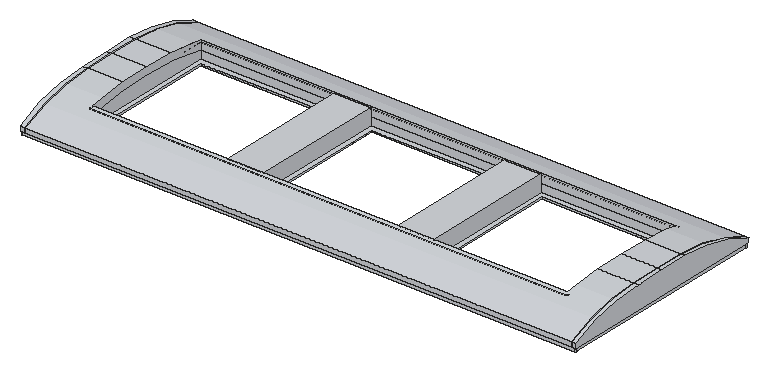
Revit family "Gira_0213768", category Electrical Fixtures, host Face, Revit 2017
Family settings
  Host = Face
  Maintain Annotation Orientation = No
  Round Connector Dimension = Use Diameter
  Part Type = Normal
  Cut with Voids When Loaded = No
  Shared = No
  Room Calculation Point = No
Parameters (values of type "Cov.fr. 3-g interm.fr. AN Gira Event Clear brown")
  With mounting grid = "No"
  With hinged lid = "No"
  URL = "http://katalog.gira.de/en/datenblatt.html?artikelnr=0213768"
  Type of fastening = "Clamp mounting"
  Transparent = "No"
  Surface protection = "Other"
  Surface finishing = "Glossy"
  Suitable for wall duct = "No"
  Suitable for flush-mounted installation = "Yes"
  Suitable for floor box = "No"
  Suitable for built-in installation = "No"
  Number of units vertical = "3"
  Number of units horizontal = "3"
  Number of units = "3"
  Name = "Cov.fr. 3-g interm.fr. AN Gira Event Clear brown"
  Mounting direction = "Horizontal and vertical"
  Material quality = "Thermoplastic"
  Material = "Plastic"
  Manufacturer URL = "https://www.gira.de/"
  Manufacturer = "Gira"
  Label space/information surface = "No"
  Keynote = ""
  HeinzeBIM = "https://bimportal.heinze.de/bim/cov-fr-3-g-interm-fr-an-gira-event-clear-brown/669637a9efcb7c3c696f1de31e20b93cd41b36ef"
  Halogen free = "Yes"
  HAN = "0213768"
  GTIN = "4010337069461"
  Description = "Cov.fr.3g i.fr.AN EvCl BN,Gira Event Clear cover frame,brown with anthracite intermediate frame,3-gang,Features:,- Shatter-proof."
  Degree of protection (IP) = "IP20"
  Default Elevation = 1219.2 mm
  Data sheet (1) = "https://katalog.gira.de/en/download.html?artikelnr=0213768"
  Colour = "Brown"
  Category = "Cover frame for domestic switching devices"
  BIM (1) = "https://media.stage.bim.site/public/gira/36a6b08/Event_Rahmen_3fach.rfa"
  Available = "No"
Reference planes
  plane 1 "Center (Front/Back)": y = 0
  plane 2: z = 0
  plane 3 "Center (Left/Right)": x = 0
Forms (mm)
  Extrusion 1, solid, detail levels fine
    sketch origin (0, 0, 0.05) x (0, 1, 0) y (0, 0, 1)
      loop
        arc (12.445, 9.683) -> (6.223, 9.833) -> (0, 9.85) r 291.636
        arc (0, 9.85) -> (-6.223, 9.833) -> (-12.445, 9.683) r 291.636
        arc (-12.445, 9.683) -> (-29.14, 7.482) -> (-45, 1.823) r 79.728
        line (-45, 1.823) -> (-45, -0.05) -> (-42.086, -0.05)
        arc (-42.086, -0.05) -> (-21.385, 5.559) -> (0, 7.206) r 114.424
        arc (0, 7.206) -> (21.385, 5.559) -> (42.086, -0.05) r 114.424
        line (42.086, -0.05) -> (45, -0.05) -> (45, 1.823)
        arc (45, 1.823) -> (29.14, 7.482) -> (12.445, 9.683) r 79.728
    from -114.3 to 114.3
  Extrusion 2, void, detail levels fine
    sketch origin (0, 0, 0) x (1, 0, 0) y (0, 1, 0)
      loop
        line (-99.355, -28.053) -> (99.355, -28.053) -> (99.355, 28.053) -> (-99.355, 28.053) -> (-99.355, -28.053)
    from 0.724 to 11
  Extrusion 3, solid, detail levels coarse
    sketch origin (0, 0, 0) x (1, 0, 0) y (0, 1, 0)
      loop
        line (-116.3, 45) -> (-116.3, -45) -> (116.3, -45) -> (116.3, 45) -> (-116.3, 45)
    from -1.5 to 9.9
  Extrusion 4, solid, detail levels medium
    sketch origin (0, 0, 0.05) x (0, 1, 0) y (0, 0, 1)
      loop
        arc (12.445, 9.683) -> (6.223, 9.833) -> (0, 9.85) r 291.636
        arc (0, 9.85) -> (-6.223, 9.833) -> (-12.445, 9.683) r 291.636
        arc (-12.445, 9.683) -> (-29.14, 7.482) -> (-45, 1.823) r 79.728
        line (-45, 1.823) -> (-45, -0.05) -> (45, -0.05) -> (45, 1.823)
        arc (45, 1.823) -> (29.14, 7.482) -> (12.445, 9.683) r 79.728
    from -116.3 to 116.3
  Extrusion 5, solid, detail levels fine
    sketch origin (-71.3, 0, -1.5) x (0, 1, 0) y (0, 0, -1)
      loop
        line (45, -3.373) -> (45, -1.5) -> (-45, -1.5) -> (-45, -3.373)
        arc (-45, -3.373) -> (-29.14, -9.032) -> (-12.445, -11.233) r 79.728
        arc (-12.445, -11.233) -> (-6.223, -11.383) -> (0, -11.4) r 291.636
        arc (0, -11.4) -> (6.223, -11.383) -> (12.445, -11.233) r 291.636
        arc (12.445, -11.233) -> (29.14, -9.032) -> (45, -3.373) r 79.728
    from 43 to 45
  Extrusion 6, solid, detail levels fine
    sketch origin (0, 0, 0) x (1, 0, 0) y (0, 1, 0)
      loop
        line (-97.195, 25.7) -> (-97.195, -25.7) -> (-45.395, -25.7) -> (-45.395, 25.7) -> (-97.195, 25.7)
      loop
        line (25.9, -25.7) -> (25.9, 25.7) -> (-25.9, 25.7) -> (-25.9, -25.7) -> (25.9, -25.7)
      loop
        line (-100.19, 28.49) -> (-100.19, -28.495)
        spline (-100.19, -28.495) -> (-100.181, -28.625) -> (-100.156, -28.754) -> (-100.113, -28.878) -> (-100.056, -28.995) -> (-99.983, -29.104) -> (-99.897, -29.202) -> (-99.798, -29.288) -> (-99.69, -29.361) -> (-99.572, -29.419) -> (-99.448, -29.461) -> (-99.32, -29.486) -> (-99.19, -29.495)
        line (-99.19, -29.495) -> (99.195, -29.495)
        spline (99.195, -29.495) -> (99.325, -29.486) -> (99.454, -29.461) -> (99.578, -29.419) -> (99.695, -29.361) -> (99.804, -29.288) -> (99.902, -29.202) -> (99.988, -29.104) -> (100.061, -28.995) -> (100.119, -28.878) -> (100.161, -28.754) -> (100.186, -28.625) -> (100.195, -28.495)
        line (100.195, -28.495) -> (100.195, 28.49)
        spline (100.195, 28.49) -> (100.186, 28.62) -> (100.161, 28.748) -> (100.119, 28.872) -> (100.061, 28.99) -> (99.988, 29.098) -> (99.902, 29.197) -> (99.804, 29.283) -> (99.695, 29.356) -> (99.578, 29.413) -> (99.454, 29.456) -> (99.325, 29.481) -> (99.195, 29.49)
        line (99.195, 29.49) -> (-99.19, 29.49)
        spline (-99.19, 29.49) -> (-99.32, 29.481) -> (-99.448, 29.456) -> (-99.572, 29.413) -> (-99.69, 29.356) -> (-99.798, 29.283) -> (-99.897, 29.197) -> (-99.983, 29.098) -> (-100.056, 28.99) -> (-100.113, 28.872) -> (-100.156, 28.748) -> (-100.181, 28.62) -> (-100.19, 28.49)
      loop
        line (97.2, -25.7) -> (97.2, 25.7) -> (45.4, 25.7) -> (45.4, -25.7) -> (97.2, -25.7)
    from 0.1 to 7.3
  Extrusion 7, solid
    sketch origin (0, 0, 0) x (1, 0, 0) y (0, 1, 0)
      loop
        arc (-116, -44.2) -> (-115.854, -44.554) -> (-115.5, -44.7) r 0.5
        line (-115.5, -44.7) -> (115.5, -44.7)
        arc (115.5, -44.7) -> (115.854, -44.554) -> (116, -44.2) r 0.5
        line (116, -44.2) -> (116, 44.2)
        arc (116, 44.2) -> (115.854, 44.554) -> (115.5, 44.7) r 0.5
        line (115.5, 44.7) -> (-115.5, 44.7)
        arc (-115.5, 44.7) -> (-115.854, 44.554) -> (-116, 44.2) r 0.5
        line (-116, 44.2) -> (-116, -44.2)
      loop
        line (-114.3, 43) -> (-114.3, -43) -> (114.3, -43) -> (114.3, 43) -> (-114.3, 43)
    from -1.5 to 0.5
  Extrusion 8, solid, detail levels fine
    sketch origin (71.3, 0, -1.5) x (0, 1, 0) y (0, 0, 1)
      loop
        arc (45, 3.373) -> (29.14, 9.032) -> (12.445, 11.233) r 79.728
        arc (12.445, 11.233) -> (6.223, 11.383) -> (0, 11.4) r 291.636
        arc (0, 11.4) -> (-6.223, 11.383) -> (-12.445, 11.233) r 291.636
        arc (-12.445, 11.233) -> (-29.14, 9.032) -> (-45, 3.373) r 79.728
        line (-45, 3.373) -> (-45, 1.5) -> (45, 1.5) -> (45, 3.373)
    from 43 to 45
  Extrusion 9, solid, detail levels medium
    sketch origin (0, 0, 0) x (1, 0, 0) y (0, 1, 0)
      loop
        line (-116, -44.7) -> (116, -44.7) -> (116, 44.7) -> (-116, 44.7) -> (-116, -44.7)
    from -1.5 to 0.5
  Extrusion 10, solid, detail levels fine
    sketch origin (-34.207, 0, 0) x (1, 0, 0) y (0, 1, 0)
      loop
        line (-8.943, 28.063) -> (-8.943, -27.937) -> (6.057, -27.937) -> (6.057, 28.063) -> (-8.943, 28.063)
    from 0.724 to 7.566
  Extrusion 11, solid, detail levels fine
    sketch origin (34.207, 0, 0) x (-1, 0, 0) y (0, -1, 0)
      loop
        line (-8.943, -28.063) -> (6.057, -28.063) -> (6.057, 27.937) -> (-8.943, 27.937) -> (-8.943, -28.063)
    from 0.724 to 7.566
Cuts and joins
  Extrusion 2 cuts Extrusion 1
  Extrusion 2 cuts Extrusion 6
Dimensions and locks
  aligned and locked: plane 2 to host face
  aligned and locked: level to host face
